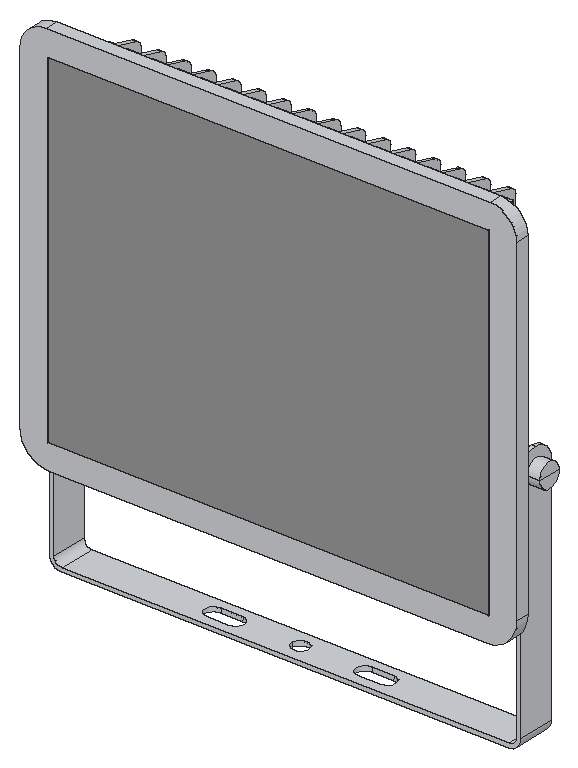
Revit family "0050119", category Lighting Fixtures, Revit 2017
Family settings
  Round Connector Dimension = Use Diameter
  Part Type = Normal
  OmniClass Number = 23.80.70.00
  OmniClass Title = Lighting
  Work Plane-Based = No
  Always vertical = Yes
  Cut with Voids When Loaded = No
  Light Source = Yes
  Shared = No
  Room Calculation Point = No
Parameters (values of type "0050119 ST FLD FLT IP65 4650LM 830 WH")
  Weight = "4.44 kg"
  Wattage = 45 W
  WarrantyStartDate [instance] = "n/a"
  WarrantyGuarantorParts = "n/a"
  WarrantyDurationUnit = "n/a"
  WarrantyDurationParts = "n/a"
  WarrantyDescription = "n/a"
  built-in parameter 1150110 = 1 (stored number, unit not read)
  Voltage = 0 V
  URL = "http://www.sylvania-lighting.com"
  TypeName = "Start Flood Flat IP65 4650LM 830 White"
  built-in parameter 1114217 = 1 (stored number, unit not read)
  Tilt Angle = 0.00°
  built-in parameter 1150109 = 1 (stored number, unit not read)
  built-in parameter 1150134 = (empty or 0)
  built-in parameter 1150113 = 1 (stored number, unit not read)
  SerialNumber [instance] = "n/a"
  PowerFactor = 0.9
  PowerConsumption = "45 W"
  Photometric Web File = "0050119.ies"
  NominalWidth = 0 mm
  NominalLength = 151 mm
  NominalHeight = 30 mm
  Name = "Start Flood Flat IP65 4650LM 830 White"
  ModelReference = "Start Flood Flat IP65 4650LM 830 White"
  ModelNumber = "0050119"
  Model = "Start Flood Flat IP65 4650LM 830 White"
  Material_4_FEILO = none
  Material_3_FEILO = none
  Material_2_FEILO = Default New Material
  Material_1_FEILO = none
  Material = "n/a"
  ManufacturerName = "Feilo Sylvania"
  Manufacturer = "Feilo Sylvania"
  LuminousEfficacy = "103 lm/W"
  Lumens = 4635 lm
  LuminaireType = ""
  built-in parameter 1150115 = 1 (stored number, unit not read)
  built-in parameter 1150105 = -7791342.3 (stored number, unit not read)
  LightOutputRatio = "n/a"
  built-in parameter 1150137 = (empty or 0)
  built-in parameter 1150139 = (empty or 0)
  LampsType = "LED"
  LampNominalLuminous = "4650 lm"
  LampMacAdamStep = "5"
  LampColourTemperature = "3000 K"
  LampColourRenderingIndex = "80"
  built-in parameter 1150112 = 1 (stored number, unit not read)
  built-in parameter 1150114 = 1 (stored number, unit not read)
  Lamp = "LED"
  LUM_WIDTH_SYL = 93.5 mm  # constant formula
  LUM_HEIGHT_SYL = 74.5 mm  # constant formula
  LUM_EXTR_ST_SYL = -5 mm
  LUM_EXTR_END_SYL = 0 mm
  LUM_DEPTH_SYL = 30 mm
  Keynote = "16500"
  InstallationDate [instance] = "n/a"
  InputVoltage = "n/a"
  InputNominalFrequency = "n/a"
  built-in parameter 1150132 = 2
  built-in parameter 1150102 = (empty or 0)
  built-in parameter 1150138 = (empty or 0)
  built-in parameter 1150107 = 3000 (stored number, unit not read)
  IngressProtection = "IP65"
  ImpactProtectionIndex = "IK06"
  built-in parameter 1150106 = -77913.4 (stored number, unit not read)
  IfcExportType = "IfcLightFixtureType"
  IfcExportAs = "IfcLightFixtureType"
  ElectricShockClassification = "Class I"
  built-in parameter 1150104 = 9.569 (stored number, unit not read)
  DocumentationLiterature = "http://www.sylvania-lighting.com/product/en-int/products/0050119"
  DimmingControlOptions = "n/a"
  Dimming Lamp Color Temperature Shift = <None>
  DIF_WIDTH_SYL = 83 mm  # constant formula
  DIF_HEIGHT_SYL = 65 mm  # constant formula
  CreatedOn = "12/2/2020"
  CreatedBy = "@sylvania-lighting.com"
  Color Filter = 16777215
  ClassificationValue = "EF_70_80"
  ClassificationName = "Uniclass2015"
  CABLE_SIDE_DIST_SYL = 47 mm
  CABLE_LENGTH_SYL = 5 mm
  CABLE_FRONT_DIST_SYL = 17.5 mm
  CABLES_DIST_SYL = 93 mm
  BarCode [instance] = "n/a"
  built-in parameter 1114218 = 1 (stored number, unit not read)
  B_RAIL_R_DIST_SYL = 7 mm
  B_RAIL_HEIGHT_SYL = 27 mm
  B_RAIL_DEPTH_SYL = 44 mm
  B_RAIL_CHAMFER_SYL = 7 mm
  BRACKET_HOLDER_WIDTH_SYL = 12 mm
  BRACKET_HOLDER_HEIGHT_SYL = 17 mm
  BRACKET_HOLDER_DIST_SIDE_SYL = 2.8 mm
  BRACKET_HOLDER_DIST_BOTT_SYL = 48 mm
  BRACKET_HOLDER_DEPTH_SYL = 5.7 mm
  BOX_WIDTH_SYL = 76.5 mm
  BOX_TOP_DIST_SYL = 10.5 mm
  BOX_DEPTH_SYL = 14 mm
  BOX_BOTT_DIST_SYL = 28 mm
  BACK_RAIL_WIDTH_SYL = 1.4 mm
  BACK_RAIL_SIDE_DIST_SYL = 19 mm
  BACK_PL_EXTR_ST_SYL = -6 mm
  BACK_PL_EXTR_ST(-1)_SYL = BACK_PL_EXTR_ST_SYL * (-1)  # 6 mm
  BACK_PL_EXTR_END_SYL = -3 mm
  BACK_PL_EXTR_END(-1)_SYL = BACK_PL_EXTR_END_SYL * (-1)  # 3 mm
  built-in parameter 1150133 = 10 (stored number, unit not read)
  AssetType = "Fixed"
  AssetIdentifier [instance] = "n/a"
  Assembly Code = "D5020200"
  Apparent Load = 45 VA
  0_18W_SYL = yes
Types (5, lengths in mm): name | TypeName | built-in parameter 1150134 | Photometric Web File | Name | ModelReference | ModelNumber | Model | LuminousEfficacy | Lumens | built-in parameter 1150105 | LampNominalLuminous | LampColourTemperature | built-in parameter 1150107 | built-in parameter 1150106 | built-in parameter 1150104 | DocumentationLiterature
  0050154 ST FLD FLT IP65 5000LM 865 BK | "Start Flood Flat IP65 5000LM 865 Black" | 1 | "0050154.ies" | "Start Flood Flat IP65 5000LM 865 Black" | "Start Flood Flat IP65 5000LM 865 Black" | "0050154" | "Start Flood Flat IP65 5000LM 865 Black" | "111 lm/W" | 4995 lm | -9028462.5 (stored number, unit not read) | "5000 lm" | "6500 K" | 6500 (stored number, unit not read) | -90284.6 (stored number, unit not read) | 10.312 (stored number, unit not read) | "http://www.sylvania-lighting.com/product/en-int/products/0050154"
  0050120 ST FLD FLT IP65 5000LM 840 WH | "Start Flood Flat IP65 5000LM 840 White" | 12 | "0050120.ies" | "Start Flood Flat IP65 5000LM 840 White" | "Start Flood Flat IP65 5000LM 840 White" | "0050120" | "Start Flood Flat IP65 5000LM 840 White" | "111 lm/W" | 4995 lm | -9028462.5 (stored number, unit not read) | "5000 lm" | "4000 K" | 4000 (stored number, unit not read) | -90284.6 (stored number, unit not read) | 10.312 (stored number, unit not read) | "http://www.sylvania-lighting.com/product/en-int/products/0050120"
  0050119 ST FLD FLT IP65 4650LM 830 WH | "Start Flood Flat IP65 4650LM 830 White" | (empty or 0) | "0050119.ies" | "Start Flood Flat IP65 4650LM 830 White" | "Start Flood Flat IP65 4650LM 830 White" | "0050119" | "Start Flood Flat IP65 4650LM 830 White" | "103 lm/W" | 4635 lm | -7791342.3 (stored number, unit not read) | "4650 lm" | "3000 K" | 3000 (stored number, unit not read) | -77913.4 (stored number, unit not read) | 9.569 (stored number, unit not read) | "http://www.sylvania-lighting.com/product/en-int/products/0050119"
  0050118 ST FLD FLT IP65 5000LM 840 BK | "Start Flood Flat IP65 5000LM 840 Black" | 12 | "0050118.ies" | "Start Flood Flat IP65 5000LM 840 Black" | "Start Flood Flat IP65 5000LM 840 Black" | "0050118" | "Start Flood Flat IP65 5000LM 840 Black" | "111 lm/W" | 4995 lm | -9028462.5 (stored number, unit not read) | "5000 lm" | "4000 K" | 4000 (stored number, unit not read) | -90284.6 (stored number, unit not read) | 10.312 (stored number, unit not read) | "http://www.sylvania-lighting.com/product/en-int/products/0050118"
  0050117 ST FLD FLT IP65 4650LM 830 BK | "Start Flood Flat IP65 4650LM 830 Black" | (empty or 0) | "0050117.ies" | "Start Flood Flat IP65 4650LM 830 Black" | "Start Flood Flat IP65 4650LM 830 Black" | "0050117" | "Start Flood Flat IP65 4650LM 830 Black" | "103 lm/W" | 4635 lm | -7791342.3 (stored number, unit not read) | "4650 lm" | "3000 K" | 3000 (stored number, unit not read) | -77913.4 (stored number, unit not read) | 9.569 (stored number, unit not read) | "http://www.sylvania-lighting.com/product/en-int/products/0050117"
Reference planes
  plane 1 "Light Source Axis (F/B)": y = 0
  plane 2: z = 0
  plane 3 "Light Source Axis (L/R)": x = 0
  plane 4 "Light Source Elevation": z = -0.469
  plane 5: x = 93.5
  plane 6: x = -93.5
  plane 7: z = 74.5
  plane 8: z = -74.5
  plane 9: x = 83
  plane 10: x = -83
  plane 11: z = 65
  plane 12: z = -65
  plane 13: y = 6
  plane 14: y = 3
  plane 15: x = -76.5
  plane 16: x = 76.5
  plane 17: y = 20
  plane 18: z = 64
  plane 19: z = -46.5
  plane 20: y = 30
  plane 21: z = -26.5
  plane 22: z = -14.5
  plane 23: y = 21
  plane 24: x = 54.2
  plane 25: x = 39.5
  plane 26: x = 46.5
  plane 27: x = -46.5
  plane 28: y = 14
  plane 29: z = -38
  plane 30: y = 27
  plane 31: z = -2.5
  plane 32: z = -9.5
  plane 33: x = 74.5
  plane 34: x = 73.1
  plane 35: x = 66.1
  plane 36: x = 20.8
  plane 37: x = 13.8
  plane 38: x = 12.4
  plane 39: x = 5.4
  plane 40: x = 4
  plane 41: z = -50.4
  plane 42: x = -71.3
  plane 43: x = -69.7
  plane 44: x = 87.1
  plane 45: x = 80.1
  plane 46: z = -76.1
Forms (mm)
  Extrusion 1, solid
    sketch origin (0, 0, 0) x (1, 0, 0) y (0, 0, 1)
      loop
        arc (-83.5, 74.5) -> (-90.571, 71.571) -> (-93.5, 64.5) r 10
        line (-93.5, 64.5) -> (-93.5, -63)
        arc (-93.5, -63) -> (-90.132, -71.132) -> (-82, -74.5) r 11.5
        line (-82, -74.5) -> (82, -74.5)
        arc (82, -74.5) -> (90.132, -71.132) -> (93.5, -63) r 11.5
        line (93.5, -63) -> (93.5, 64.5)
        arc (93.5, 64.5) -> (90.571, 71.571) -> (83.5, 74.5) r 10
        line (83.5, 74.5) -> (-83.5, 74.5)
      loop
        line (-83, 65) -> (-83, -65) -> (83, -65) -> (83, 65) -> (-83, 65)
    from -5 <- "LUM_EXTR_ST_SYL" to 0 <- "LUM_EXTR_END_SYL"
  Extrusion 2, solid, material "Default New Material" <- "Material_2_FEILO"
    sketch origin (0, 0, 0) x (1, 0, 0) y (0, 0, 1)
      loop
        line (-83, 65) -> (-83, -65) -> (83, -65) -> (83, 65) -> (-83, 65)
    from -3 <- "BACK_PL_EXTR_END_SYL" to 0 <- "LUM_EXTR_END_SYL"
  Extrusion 3, solid
    sketch origin (0, 0, 0) x (1, 0, 0) y (0, 0, 1)
      loop
        line (83, 65) -> (-83, 65) -> (-83, -65) -> (83, -65) -> (83, 65)
    from -6 <- "BACK_PL_EXTR_ST_SYL" to -3 <- "BACK_PL_EXTR_END_SYL"
  Extrusion 4, solid
    sketch origin (0, 0, 0) x (1, 0, 0) y (0, 1, 0)
      loop
        arc (-75.5, 20) -> (-76.207, 19.707) -> (-76.5, 19) r 1
        line (-76.5, 19) -> (-76.5, 6) -> (76.5, 6) -> (76.5, 19)
        arc (76.5, 19) -> (76.207, 19.707) -> (75.5, 20) r 1
        line (75.5, 20) -> (-75.5, 20)
    from -46.5 to 64
  Extrusion 5, solid
    sketch origin (0, 0, 0) x (1, 0, 0) y (0, 1, 0)
      loop
        arc (-66.5, 30) -> (-73.571, 27.071) -> (-76.5, 20) r 10
        line (-76.5, 20) -> (-76.5, 6) -> (76.5, 6) -> (76.5, 20)
        arc (76.5, 20) -> (73.571, 27.071) -> (66.5, 30) r 10
        line (66.5, 30) -> (-66.5, 30)
    from -65 to -46.5
  Extrusion 6, solid
    sketch origin (0, 0, 0) x (0, 1, 0) y (0, 0, 1)
      loop
        line (5, -14.5) -> (5, -26.5) -> (15, -26.5)
        arc (15, -26.5) -> (19.243, -24.743) -> (21, -20.5) r 6
        arc (21, -20.5) -> (19.243, -16.257) -> (15, -14.5) r 6
        line (15, -14.5) -> (5, -14.5)
      loop
        circle (15, -20.5) r 2.5
    from 80.1 to 87.1
  Extrusion 7, solid
    sketch origin (0, 0, 0) x (1, 0, 0) y (0, 1, 0)
      loop
        circle (-46.5, 14) r 7
      loop
        circle (46.5, 14) r 9
    from -59.1 to -76.1
  Extrusion 8, solid
    sketch origin (75.017, 5.639, -10.469) x (0, 1, 0) y (0, 0, 1)
      loop
        line (-0.625, -36.469) -> (21.299, -36.469) -> (21.299, 71.149)
        arc (21.299, 71.149) -> (20.908, 73.206) -> (19.238, 74.469) r 2.911
        line (19.238, 74.469) -> (-0.625, 80.168) -> (-0.625, 15.688) -> (-0.625, -36.469)
    from -146.317 to -144.717
  Extrusion 9, solid
    sketch origin (-75.017, 5.639, -10.469) x (0, 1, 0) y (0, 0, -1)
      loop
        line (-0.625, 36.469) -> (-0.625, -15.688) -> (-0.625, -80.168) -> (19.238, -74.469)
        arc (19.238, -74.469) -> (20.908, -73.206) -> (21.299, -71.149) r 2.911
        line (21.299, -71.149) -> (21.299, 36.469) -> (-0.625, 36.469)
    from -146.317 to -144.717
  Extrusion 10, solid
    sketch origin (216.017, 5.639, -10.469) x (0, 1, 0) y (0, 0, 1)
      loop
        line (-0.625, -36.469) -> (21.299, -36.469) -> (21.299, 71.149)
        arc (21.299, 71.149) -> (20.908, 73.206) -> (19.238, 74.469) r 2.911
        line (19.238, 74.469) -> (-0.625, 80.168) -> (-0.625, 15.688) -> (-0.625, -36.469)
    from -146.317 to -144.717
  Extrusion 11, solid
    sketch origin (84.417, 5.639, -10.469) x (0, 1, 0) y (0, 0, 1)
      loop
        line (-0.625, -36.469) -> (21.299, -36.469) -> (21.299, 71.149)
        arc (21.299, 71.149) -> (20.908, 73.206) -> (19.238, 74.469) r 2.911
        line (19.238, 74.469) -> (-0.625, 80.168) -> (-0.625, 15.688) -> (-0.625, -36.469)
    from -146.317 to -144.717
  Extrusion 12, solid
    sketch origin (93.817, 5.639, -10.469) x (0, 1, 0) y (0, 0, 1)
      loop
        line (-0.625, -36.469) -> (21.299, -36.469) -> (21.299, 71.149)
        arc (21.299, 71.149) -> (20.908, 73.206) -> (19.238, 74.469) r 2.911
        line (19.238, 74.469) -> (-0.625, 80.168) -> (-0.625, 15.688) -> (-0.625, -36.469)
    from -146.317 to -144.717
  Extrusion 13, solid
    sketch origin (103.217, 5.639, -10.469) x (0, 1, 0) y (0, 0, 1)
      loop
        line (-0.625, -36.469) -> (21.299, -36.469) -> (21.299, 71.149)
        arc (21.299, 71.149) -> (20.908, 73.206) -> (19.238, 74.469) r 2.911
        line (19.238, 74.469) -> (-0.625, 80.168) -> (-0.625, 15.688) -> (-0.625, -36.469)
    from -146.317 to -144.717
  Extrusion 14, solid
    sketch origin (112.617, 5.639, -10.469) x (0, 1, 0) y (0, 0, 1)
      loop
        line (-0.625, -36.469) -> (21.299, -36.469) -> (21.299, 71.149)
        arc (21.299, 71.149) -> (20.908, 73.206) -> (19.238, 74.469) r 2.911
        line (19.238, 74.469) -> (-0.625, 80.168) -> (-0.625, 15.688) -> (-0.625, -36.469)
    from -146.317 to -144.717
  Extrusion 15, solid
    sketch origin (122.017, 5.639, -10.469) x (0, 1, 0) y (0, 0, 1)
      loop
        line (-0.625, -36.469) -> (21.299, -36.469) -> (21.299, 71.149)
        arc (21.299, 71.149) -> (20.908, 73.206) -> (19.238, 74.469) r 2.911
        line (19.238, 74.469) -> (-0.625, 80.168) -> (-0.625, 15.688) -> (-0.625, -36.469)
    from -146.317 to -144.717
  Extrusion 16, solid
    sketch origin (131.417, 5.639, -10.469) x (0, 1, 0) y (0, 0, 1)
      loop
        line (-0.625, -36.469) -> (21.299, -36.469) -> (21.299, 71.149)
        arc (21.299, 71.149) -> (20.908, 73.206) -> (19.238, 74.469) r 2.911
        line (19.238, 74.469) -> (-0.625, 80.168) -> (-0.625, 15.688) -> (-0.625, -36.469)
    from -146.317 to -144.717
  Extrusion 17, solid
    sketch origin (140.817, 5.639, -10.469) x (0, 1, 0) y (0, 0, 1)
      loop
        line (-0.625, -36.469) -> (21.299, -36.469) -> (21.299, 71.149)
        arc (21.299, 71.149) -> (20.908, 73.206) -> (19.238, 74.469) r 2.911
        line (19.238, 74.469) -> (-0.625, 80.168) -> (-0.625, 15.688) -> (-0.625, -36.469)
    from -146.317 to -144.717
  Extrusion 18, solid
    sketch origin (150.217, 5.639, -10.469) x (0, 1, 0) y (0, 0, 1)
      loop
        line (-0.625, -36.469) -> (21.299, -36.469) -> (21.299, 71.149)
        arc (21.299, 71.149) -> (20.908, 73.206) -> (19.238, 74.469) r 2.911
        line (19.238, 74.469) -> (-0.625, 80.168) -> (-0.625, 15.688) -> (-0.625, -36.469)
    from -146.317 to -144.717
  Extrusion 19, solid
    sketch origin (159.617, 5.639, -10.469) x (0, 1, 0) y (0, 0, 1)
      loop
        line (-0.625, -36.469) -> (21.299, -36.469) -> (21.299, 71.149)
        arc (21.299, 71.149) -> (20.908, 73.206) -> (19.238, 74.469) r 2.911
        line (19.238, 74.469) -> (-0.625, 80.168) -> (-0.625, 15.688) -> (-0.625, -36.469)
    from -146.317 to -144.717
  Extrusion 20, solid
    sketch origin (169.017, 5.639, -10.469) x (0, 1, 0) y (0, 0, 1)
      loop
        line (-0.625, -36.469) -> (21.299, -36.469) -> (21.299, 71.149)
        arc (21.299, 71.149) -> (20.908, 73.206) -> (19.238, 74.469) r 2.911
        line (19.238, 74.469) -> (-0.625, 80.168) -> (-0.625, 15.688) -> (-0.625, -36.469)
    from -146.317 to -144.717
  Extrusion 21, solid
    sketch origin (178.417, 5.639, -10.469) x (0, 1, 0) y (0, 0, 1)
      loop
        line (-0.625, -36.469) -> (21.299, -36.469) -> (21.299, 71.149)
        arc (21.299, 71.149) -> (20.908, 73.206) -> (19.238, 74.469) r 2.911
        line (19.238, 74.469) -> (-0.625, 80.168) -> (-0.625, 15.688) -> (-0.625, -36.469)
    from -146.317 to -144.717
  Extrusion 22, solid
    sketch origin (187.817, 5.639, -10.469) x (0, 1, 0) y (0, 0, 1)
      loop
        line (-0.625, -36.469) -> (21.299, -36.469) -> (21.299, 71.149)
        arc (21.299, 71.149) -> (20.908, 73.206) -> (19.238, 74.469) r 2.911
        line (19.238, 74.469) -> (-0.625, 80.168) -> (-0.625, 15.688) -> (-0.625, -36.469)
    from -146.317 to -144.717
  Extrusion 23, solid
    sketch origin (197.217, 5.639, -10.469) x (0, 1, 0) y (0, 0, 1)
      loop
        line (-0.625, -36.469) -> (21.299, -36.469) -> (21.299, 71.149)
        arc (21.299, 71.149) -> (20.908, 73.206) -> (19.238, 74.469) r 2.911
        line (19.238, 74.469) -> (-0.625, 80.168) -> (-0.625, 15.688) -> (-0.625, -36.469)
    from -146.317 to -144.717
  Extrusion 24, solid
    sketch origin (206.617, 5.639, -10.469) x (0, 1, 0) y (0, 0, 1)
      loop
        line (-0.625, -36.469) -> (21.299, -36.469) -> (21.299, 71.149)
        arc (21.299, 71.149) -> (20.908, 73.206) -> (19.238, 74.469) r 2.911
        line (19.238, 74.469) -> (-0.625, 80.168) -> (-0.625, 15.688) -> (-0.625, -36.469)
    from -146.317 to -144.717
  Extrusion 25, solid
    sketch origin (0, 0, 0) x (0, 1, 0) y (0, 0, -1)
      loop
        line (5, 14.5) -> (15, 14.5)
        arc (15, 14.5) -> (19.243, 16.257) -> (21, 20.5) r 6
        arc (21, 20.5) -> (19.243, 24.743) -> (15, 26.5) r 6
        line (15, 26.5) -> (5, 26.5) -> (5, 14.5)
      loop
        circle (15, 20.5) r 2.5
    from 80.1 to 87.1
Cuts and joins
  joined: Extrusion 1, Extrusion 3, Extrusion 4, Extrusion 5
Dimensions and locks
  "LUM_WIDTH_SYL": plane 5 to plane 3 "Light Source Axis (L/R)" to plane 6
  "LUM_HEIGHT_SYL": plane 7 to plane 2 to plane 8
  "DIF_WIDTH_SYL": plane 9 to plane 3 "Light Source Axis (L/R)" to plane 10
  "DIF_HEIGHT_SYL": plane 11 to plane 2 to plane 12
  "BACK_PL_EXTR_ST(-1)_SYL": plane 1 "Light Source Axis (F/B)" to plane 13
  "BACK_PL_EXTR_END(-1)_SYL": plane 1 "Light Source Axis (F/B)" to plane 14
  "BOX_WIDTH_SYL": plane 15 to plane 3 "Light Source Axis (L/R)" to plane 16
  "BOX_DEPTH_SYL": plane 13 to plane 17
  "BOX_TOP_DIST_SYL": plane 18 to plane 7
  "BOX_BOTT_DIST_SYL": plane 8 to plane 19
  "LUM_DEPTH_SYL": plane 1 "Light Source Axis (F/B)" to plane 20
  "BRACKET_HOLDER_DIST_BOTT_SYL": plane 21 to plane 8
  "BRACKET_HOLDER_WIDTH_SYL": plane 22 to plane 21
  cut or joined group of Extrusion 1, Extrusion 3, Extrusion 4, Extrusion 5 to plane 23 = 15 mm
  cut or joined group of Extrusion 1, Extrusion 3, Extrusion 4, Extrusion 5 to plane 24 = 39.3 mm
  plane 25 to plane 24 = 14.7 mm
  "CABLES_DIST_SYL": plane 27 to plane 26
  "CABLE_SIDE_DIST_SYL": plane 26 to plane 5
  cut or joined group of Extrusion 1, Extrusion 3, Extrusion 4, Extrusion 5 to plane 28 = 14 mm
  "B_RAIL_HEIGHT_SYL": plane 30 to plane 1 "Light Source Axis (F/B)"
  "B_RAIL_DEPTH_SYL": plane 31 to plane 19
  "B_RAIL_CHAMFER_SYL": plane 31 to plane 32
  "BACK_RAIL_SIDE_DIST_SYL": plane 5 to plane 33
  "BACK_RAIL_WIDTH_SYL": plane 33 to plane 34
  "B_RAIL_R_DIST_SYL": plane 34 to plane 35
  "B_RAIL_R_DIST_SYL": plane 36 to plane 37
  "BACK_RAIL_WIDTH_SYL": plane 37 to plane 38
  "BACK_RAIL_WIDTH_SYL": plane 39 to plane 40
  "B_RAIL_R_DIST_SYL": plane 38 to plane 39
  plane 35 to plane 26 = 19.6 mm
  equal spacing: group 1, group 3, group 4, group 5, group 6, group 7, group 8, group 9, group 10, group 11, group 12, group 13, group 14, group 15, group 16, group 2  (x3)
  aligned and locked: plane 4 "Light Source Elevation" to imposter light
  aligned and locked: level to plane 2
  aligned and locked: Extrusion 1 sketch curve to plane 7
  aligned and locked: plane 6 to Extrusion 1 sketch curve
  aligned and locked: plane 8 to Extrusion 1 sketch curve
  aligned and locked: Extrusion 1 sketch curve to plane 5
  aligned and locked: Extrusion 1 sketch curve to plane 11
  aligned and locked: plane 10 to Extrusion 1 sketch curve
  aligned and locked: plane 12 to Extrusion 1 sketch curve
  aligned and locked: Extrusion 1 sketch curve to plane 9
  aligned and locked: Extrusion 2 sketch curve to Extrusion 1  (x4)
  aligned and locked: Extrusion 3 sketch curve to Extrusion 1  (x4)
  aligned and locked: Extrusion 3 to Extrusion 2
  aligned and locked: plane 17 to Extrusion 4 sketch curve
  aligned and locked: plane 15 to Extrusion 4 sketch curve
  aligned and locked: Extrusion 4 sketch curve to plane 13
  aligned and locked: Extrusion 4 sketch curve to plane 16
  aligned and locked: plane 18 to Extrusion 4
  aligned and locked: Extrusion 4 to plane 19
  aligned and locked: plane 20 to Extrusion 5 sketch curve
  aligned and locked: plane 15 to Extrusion 5 sketch curve
  aligned and locked: cut or joined group of Extrusion 1, Extrusion 3, Extrusion 4, Extrusion 5 to Extrusion 5 sketch curve
  aligned and locked: Extrusion 5 sketch curve to cut or joined group of Extrusion 1, Extrusion 3, Extrusion 4, Extrusion 5
  aligned and locked: plane 19 to Extrusion 5
  aligned and locked: Extrusion 5 to plane 12
  aligned and locked: Extrusion 6 sketch curve to plane 22
  aligned and locked: plane 21 to Extrusion 6 sketch curve
  aligned and locked: Extrusion 6 to cut or joined group of Extrusion 1, Extrusion 3, Extrusion 4, Extrusion 5
  aligned and locked: Extrusion 8 to plane 42
  aligned and locked: Extrusion 8 to plane 43
  aligned and locked: Extrusion 6 to plane 44
  aligned and locked: plane 45 to Extrusion 6
  aligned and locked: Extrusion 7 to plane 46
Automatic sketch dimensions
  Extrusion 8 sketch curve to Extrusion 8 sketch curve = 19.06 mm
  Extrusion 8 sketch curve to Extrusion 8 sketch curve = 0.803 mm
  Extrusion 8 sketch curve to Extrusion 8 sketch curve = 21.924 mm
  Extrusion 8 sketch curve to Extrusion 8 sketch curve = 52.156 mm
  Extrusion 8 sketch curve to Extrusion 8 sketch curve = 55.461 mm
  Extrusion 8 sketch curve to Extrusion 8 sketch curve = 0.521 mm
  Extrusion 10 sketch curve to Extrusion 10 sketch curve = 19.06 mm
  Extrusion 10 sketch curve to Extrusion 10 sketch curve = 0.803 mm
  Extrusion 10 sketch curve to Extrusion 10 sketch curve = 21.924 mm
  Extrusion 10 sketch curve to Extrusion 10 sketch curve = 52.156 mm
  Extrusion 10 sketch curve to Extrusion 10 sketch curve = 55.461 mm
  Extrusion 10 sketch curve to Extrusion 10 sketch curve = 0.521 mm
  Extrusion 11 sketch curve to Extrusion 11 sketch curve = 19.06 mm
  Extrusion 11 sketch curve to Extrusion 11 sketch curve = 0.803 mm
  Extrusion 11 sketch curve to Extrusion 11 sketch curve = 21.924 mm
  Extrusion 11 sketch curve to Extrusion 11 sketch curve = 52.156 mm
  Extrusion 11 sketch curve to Extrusion 11 sketch curve = 55.461 mm
  Extrusion 11 sketch curve to Extrusion 11 sketch curve = 0.521 mm
  Extrusion 12 sketch curve to Extrusion 12 sketch curve = 19.06 mm
  Extrusion 12 sketch curve to Extrusion 12 sketch curve = 0.803 mm
  Extrusion 12 sketch curve to Extrusion 12 sketch curve = 21.924 mm
  Extrusion 12 sketch curve to Extrusion 12 sketch curve = 52.156 mm
  Extrusion 12 sketch curve to Extrusion 12 sketch curve = 55.461 mm
  Extrusion 12 sketch curve to Extrusion 12 sketch curve = 0.521 mm
  Extrusion 13 sketch curve to Extrusion 13 sketch curve = 19.06 mm
  Extrusion 13 sketch curve to Extrusion 13 sketch curve = 0.803 mm
  Extrusion 13 sketch curve to Extrusion 13 sketch curve = 21.924 mm
  Extrusion 13 sketch curve to Extrusion 13 sketch curve = 52.156 mm
  Extrusion 13 sketch curve to Extrusion 13 sketch curve = 55.461 mm
  Extrusion 13 sketch curve to Extrusion 13 sketch curve = 0.521 mm
  Extrusion 14 sketch curve to Extrusion 14 sketch curve = 19.06 mm
  Extrusion 14 sketch curve to Extrusion 14 sketch curve = 0.803 mm
  Extrusion 14 sketch curve to Extrusion 14 sketch curve = 21.924 mm
  Extrusion 14 sketch curve to Extrusion 14 sketch curve = 52.156 mm
  Extrusion 14 sketch curve to Extrusion 14 sketch curve = 55.461 mm
  Extrusion 14 sketch curve to Extrusion 14 sketch curve = 0.521 mm
  Extrusion 15 sketch curve to Extrusion 15 sketch curve = 19.06 mm
  Extrusion 15 sketch curve to Extrusion 15 sketch curve = 0.803 mm
  Extrusion 15 sketch curve to Extrusion 15 sketch curve = 21.924 mm
  Extrusion 15 sketch curve to Extrusion 15 sketch curve = 52.156 mm
  Extrusion 15 sketch curve to Extrusion 15 sketch curve = 55.461 mm
  Extrusion 15 sketch curve to Extrusion 15 sketch curve = 0.521 mm
  Extrusion 16 sketch curve to Extrusion 16 sketch curve = 19.06 mm
  Extrusion 16 sketch curve to Extrusion 16 sketch curve = 0.803 mm
  Extrusion 16 sketch curve to Extrusion 16 sketch curve = 21.924 mm
  Extrusion 16 sketch curve to Extrusion 16 sketch curve = 52.156 mm
  Extrusion 16 sketch curve to Extrusion 16 sketch curve = 55.461 mm
  Extrusion 16 sketch curve to Extrusion 16 sketch curve = 0.521 mm
  Extrusion 17 sketch curve to Extrusion 17 sketch curve = 19.06 mm
  Extrusion 17 sketch curve to Extrusion 17 sketch curve = 0.803 mm
  Extrusion 17 sketch curve to Extrusion 17 sketch curve = 21.924 mm
  Extrusion 17 sketch curve to Extrusion 17 sketch curve = 52.156 mm
  Extrusion 17 sketch curve to Extrusion 17 sketch curve = 55.461 mm
  Extrusion 17 sketch curve to Extrusion 17 sketch curve = 0.521 mm
  Extrusion 18 sketch curve to Extrusion 18 sketch curve = 19.06 mm
  Extrusion 18 sketch curve to Extrusion 18 sketch curve = 0.803 mm
  Extrusion 18 sketch curve to Extrusion 18 sketch curve = 21.924 mm
  Extrusion 18 sketch curve to Extrusion 18 sketch curve = 52.156 mm
  Extrusion 18 sketch curve to Extrusion 18 sketch curve = 55.461 mm
  Extrusion 18 sketch curve to Extrusion 18 sketch curve = 0.521 mm
  Extrusion 19 sketch curve to Extrusion 19 sketch curve = 19.06 mm
  Extrusion 19 sketch curve to Extrusion 19 sketch curve = 0.803 mm
  Extrusion 19 sketch curve to Extrusion 19 sketch curve = 21.924 mm
  Extrusion 19 sketch curve to Extrusion 19 sketch curve = 52.156 mm
  Extrusion 19 sketch curve to Extrusion 19 sketch curve = 55.461 mm
  Extrusion 19 sketch curve to Extrusion 19 sketch curve = 0.521 mm
  Extrusion 20 sketch curve to Extrusion 20 sketch curve = 19.06 mm
  Extrusion 20 sketch curve to Extrusion 20 sketch curve = 0.803 mm
  Extrusion 20 sketch curve to Extrusion 20 sketch curve = 21.924 mm
  Extrusion 20 sketch curve to Extrusion 20 sketch curve = 52.156 mm
  Extrusion 20 sketch curve to Extrusion 20 sketch curve = 55.461 mm
  Extrusion 20 sketch curve to Extrusion 20 sketch curve = 0.521 mm
  Extrusion 21 sketch curve to Extrusion 21 sketch curve = 19.06 mm
  Extrusion 21 sketch curve to Extrusion 21 sketch curve = 0.803 mm
  Extrusion 21 sketch curve to Extrusion 21 sketch curve = 21.924 mm
  Extrusion 21 sketch curve to Extrusion 21 sketch curve = 52.156 mm
  Extrusion 21 sketch curve to Extrusion 21 sketch curve = 55.461 mm
  Extrusion 21 sketch curve to Extrusion 21 sketch curve = 0.521 mm
  Extrusion 22 sketch curve to Extrusion 22 sketch curve = 19.06 mm
  Extrusion 22 sketch curve to Extrusion 22 sketch curve = 0.803 mm
  Extrusion 22 sketch curve to Extrusion 22 sketch curve = 21.924 mm
  Extrusion 22 sketch curve to Extrusion 22 sketch curve = 52.156 mm
  Extrusion 22 sketch curve to Extrusion 22 sketch curve = 55.461 mm
  Extrusion 22 sketch curve to Extrusion 22 sketch curve = 0.521 mm
  Extrusion 23 sketch curve to Extrusion 23 sketch curve = 19.06 mm
  Extrusion 23 sketch curve to Extrusion 23 sketch curve = 0.803 mm
  Extrusion 23 sketch curve to Extrusion 23 sketch curve = 21.924 mm
  Extrusion 23 sketch curve to Extrusion 23 sketch curve = 52.156 mm
  Extrusion 23 sketch curve to Extrusion 23 sketch curve = 55.461 mm
  Extrusion 23 sketch curve to Extrusion 23 sketch curve = 0.521 mm
  Extrusion 24 sketch curve to Extrusion 24 sketch curve = 19.06 mm
  Extrusion 24 sketch curve to Extrusion 24 sketch curve = 0.803 mm
  Extrusion 24 sketch curve to Extrusion 24 sketch curve = 21.924 mm
  Extrusion 24 sketch curve to Extrusion 24 sketch curve = 52.156 mm
  Extrusion 24 sketch curve to Extrusion 24 sketch curve = 55.461 mm
  Extrusion 24 sketch curve to Extrusion 24 sketch curve = 0.521 mm
  Extrusion 1 sketch curve to plane 10 = 0.5 mm
  plane 10 to Extrusion 1 sketch curve = 1 mm
  Extrusion 1 sketch curve to plane 9 = 1 mm
  plane 9 to Extrusion 1 sketch curve = 0.5 mm
  plane 15 to Extrusion 4 sketch curve = 1 mm
  Extrusion 4 sketch curve to plane 16 = 1 mm
  Extrusion 5 sketch curve to plane 15 = 0 mm
  plane 17 to Extrusion 5 sketch curve = 0 mm  (x2)
  Extrusion 6 sketch curve to Extrusion 6 sketch curve = 0 mm  (x5)
  Extrusion 6 sketch curve to plane 23 = 0 mm
  plane 13 to Extrusion 6 sketch curve = 1 mm
  Extrusion 7 sketch curve to plane 27 = 0 mm
  Extrusion 7 sketch curve to plane 26 = 0 mm
  Extrusion 7 sketch curve to plane 28 = 0 mm  (x2)
  Extrusion 9 sketch curve to plane 18 = 0 mm
  Extrusion 9 sketch curve to plane 19 = 0.438 mm
  plane 13 to Extrusion 9 sketch curve = 0.986 mm
  plane 30 to Extrusion 9 sketch curve = 2.927 mm
  plane 30 to Extrusion 9 sketch curve = 2.124 mm
  plane 30 to Extrusion 9 sketch curve = 0.062 mm
  Extrusion 9 sketch curve to plane 7 = 4.801 mm
  level to Extrusion 9 sketch curve = 5.219 mm
  Extrusion 25 sketch curve to Extrusion 25 sketch curve = 0 mm  (x6)
  Extrusion 25 sketch curve to plane 21 = 0 mm
  Extrusion 25 sketch curve to plane 22 = 0 mm
  Extrusion 25 sketch curve to plane 23 = 0 mm
  plane 13 to Extrusion 25 sketch curve = 1 mm
  radius of Extrusion 6 sketch curve = 2.5 mm
  radius of Extrusion 7 sketch curve = 7 mm
  radius of Extrusion 7 sketch curve = 9 mm
  radius of Extrusion 25 sketch curve = 2.5 mm
Nested families
  nested 1: "START Flood Flat - 45W_bracket" at (0, 15.031, -74.969), type "START Flood Flat - 45W_bracket"
  nested 2: "bolt" at (88.6, 15.031, -20.508), type "bolt"
  nested 3: "bolt" at (-88.6, 15.031, -20.469) x (-1, 0, 0) z (0, 0, 1), type "bolt"
Definition of nested family "START Flood Flat - 45W_bracket"
  Parameters (values of type "START Flood Flat - 45W_bracket")
    WIDTH_SYL = 177.2 mm
    THICKNESS_SYL = 1.5 mm
    Material_4_SYL = none
    Material_3_SYL = none
    Material_2_SYL = none
    Material_1_SYL = none
    HOLE_DIST_SYL = 8.5 mm
    HOLE2_DIST_SYL = 8 mm
    HEIGHT_SYL = 100 mm
    HALF_SYL = WIDTH_SYL / 2  # 88.6 mm
    FILLET_SYL = 7 mm
    DEPTH_2_SYL = -7 mm
    DEPTH_1_SYL = 7 mm
    CUTOUT_DIST_SYL = 24.2 mm
  Reference planes
    plane 1 "Center (Front/Back)": y = 0
    plane 2: z = 0
    plane 3 "Center (Left/Right)": x = 0
    plane 4: x = -88.6
    plane 5: x = 88.6
    plane 6: z = -37.5
    plane 7: z = 62.5
    plane 8: x = -87.1
    plane 9: z = -36
    plane 10: x = 87.1
    plane 11: z = 54.5
    plane 12: z = 55.5
    plane 13: x = 24.2
    plane 14: x = -24.2
    plane 15: x = 32.7
    plane 16: x = -32.7
  Forms (mm)
    Extrusion 1, solid
      sketch origin (0, 0, 0) x (1, 0, 0) y (0, 0, 1)
        loop
          arc (-88.6, -33) -> (-87.282, -36.182) -> (-84.1, -37.5) r 4.5
          line (-84.1, -37.5) -> (84.1, -37.5)
          arc (84.1, -37.5) -> (87.282, -36.182) -> (88.6, -33) r 4.5
          line (88.6, -33) -> (88.6, 62.5) -> (87.1, 62.5) -> (87.1, -33)
          arc (87.1, -33) -> (86.221, -35.121) -> (84.1, -36) r 3
          line (84.1, -36) -> (-84.1, -36)
          arc (-84.1, -36) -> (-86.221, -35.121) -> (-87.1, -33) r 3
          line (-87.1, -33) -> (-87.1, 62.5) -> (-88.6, 62.5) -> (-88.6, -33)
      from -7 <- "DEPTH_2_SYL" to 7 <- "DEPTH_1_SYL"
    Extrusion 2, void
      sketch origin (0, 0, 0) x (0, 1, 0) y (0, 0, 1)
        loop
          circle (0, 54.5) r 3.15
      from -88.6 to 88.6
    Extrusion 3, void
      sketch origin (0, 0, 0) x (0, 1, 0) y (0, 0, 1)
        loop
          line (7, 55.5) -> (14.83, 68.08) -> (-15.17, 68.08) -> (-7, 55.5)
          arc (-7, 55.5) -> (-4.95, 60.45) -> (0, 62.5) r 7
          arc (0, 62.5) -> (4.95, 60.45) -> (7, 55.5) r 7
      from -88.6 to 88.6
    Extrusion 4, void
      sketch origin (0, 0, 0) x (1, 0, 0) y (0, 1, 0)
        loop
          circle (0, 0) r 3.25
        loop
          arc (-32.7, 3.25) -> (-35.95, 0) -> (-32.7, -3.25) r 3.25
          line (-32.7, -3.25) -> (-24.2, -3.25)
          arc (-24.2, -3.25) -> (-20.95, 0) -> (-24.2, 3.25) r 3.25
          line (-24.2, 3.25) -> (-32.7, 3.25)
        loop
          line (24.2, -3.25) -> (32.7, -3.25)
          arc (32.7, -3.25) -> (35.95, 0) -> (32.7, 3.25) r 3.25
          line (32.7, 3.25) -> (24.2, 3.25)
          arc (24.2, 3.25) -> (20.95, 0) -> (24.2, -3.25) r 3.25
      from -54.767 to -28.006
  Cuts and joins
    Extrusion 2, Extrusion 3, Extrusion 4 cuts Extrusion 1
  Dimensions and locks
    "THICKNESS_SYL": plane 8 to plane 4
    "THICKNESS_SYL": plane 5 to plane 10
    "WIDTH_SYL": plane 5 to plane 4
    "HEIGHT_SYL": plane 7 to plane 6
    "FILLET_SYL": plane 7 to plane 12
    "CUTOUT_DIST_SYL": plane 14 to plane 3 "Center (Left/Right)" to plane 13
    "HOLE_DIST_SYL": plane 16 to plane 14
    "HOLE_DIST_SYL": plane 13 to plane 15
    "HOLE2_DIST_SYL": plane 7 to plane 11
    "HALF_SYL": plane 4 to plane 3 "Center (Left/Right)"
    aligned and locked: level to plane 2
    aligned and locked: plane 4 to Extrusion 1 sketch curve
    aligned and locked: plane 6 to Extrusion 1 sketch curve
    aligned and locked: Extrusion 1 sketch curve to plane 5
    aligned and locked: plane 8 to Extrusion 1 sketch curve
    aligned and locked: plane 9 to Extrusion 1 sketch curve
    aligned and locked: Extrusion 1 sketch curve to plane 10
    aligned and locked: plane 7 to Extrusion 1 sketch curve  (x2)
    aligned and locked: Extrusion 1 to Extrusion 2  (x2)
    aligned and locked: Extrusion 1 to Extrusion 3
    aligned and locked: Extrusion 3 to Extrusion 1
  Automatic sketch dimensions
    Extrusion 1 sketch curve to Extrusion 1 sketch curve = 0 mm
    plane 8 to Extrusion 1 sketch curve = 3 mm
    Extrusion 1 sketch curve to plane 10 = 3 mm
    Extrusion 1 sketch curve to Extrusion 1 sketch curve = 3 mm
    Extrusion 2 sketch curve to plane 1 "Center (Front/Back)" = 0 mm
    Extrusion 2 sketch curve to plane 11 = 0 mm
    Extrusion 3 sketch curve to Extrusion 3 sketch curve = 0 mm
    Extrusion 3 sketch curve to plane 12 = 0 mm
    Extrusion 3 sketch curve to plane 1 "Center (Front/Back)" = 0 mm
    Extrusion 3 sketch curve to plane 7 = 0 mm
    Extrusion 3 sketch curve to Extrusion 3 sketch curve = 8.17 mm
    plane 7 to Extrusion 3 sketch curve = 5.58 mm
    Extrusion 3 sketch curve to Extrusion 3 sketch curve = 7.83 mm
    plane 1 "Center (Front/Back)" to Extrusion 4 sketch curve = 0 mm  (x3)
    Extrusion 4 sketch curve to plane 16 = 0 mm
    Extrusion 4 sketch curve to plane 14 = 0 mm
    Extrusion 4 sketch curve to plane 3 "Center (Left/Right)" = 0 mm
    Extrusion 4 sketch curve to plane 13 = 0 mm
    Extrusion 4 sketch curve to plane 15 = 0 mm
    plane 1 "Center (Front/Back)" to Extrusion 4 sketch curve = 3.25 mm  (x2)
    radius of Extrusion 2 sketch curve = 3.15 mm
    radius of Extrusion 4 sketch curve = 3.25 mm
Definition of nested family "bolt"
  Parameters (values of type "bolt")
    Material_4_SYL = none
    Material_3_SYL = none
    Material_2_SYL = none
    Material_1_SYL = none
  Reference planes
    plane 1 "Center (Front/Back)": y = 0
    plane 2: z = 0
    plane 3 "Center (Left/Right)": x = 0
    plane 4: x = 5
    plane 5: x = -10
    plane 6: y = 2.5
    plane 7: y = -2.5
    plane 8: y = 4.5
    plane 9: y = -4.5
  Forms (mm)
    Revolve 1, solid
      sketch origin (0, 0, 0) x (1, 0, 0) y (0, 1, 0)
        loop
          line (5, 0) -> (-10, 0) -> (-10, -2.5) -> (0, -2.5) -> (0, -4.5) -> (5, -4.5) -> (5, 0)
        axis (5, 0) -> (-10, 0)
      angle from 0 to 360
  Dimensions and locks
    aligned and locked: level to plane 2
